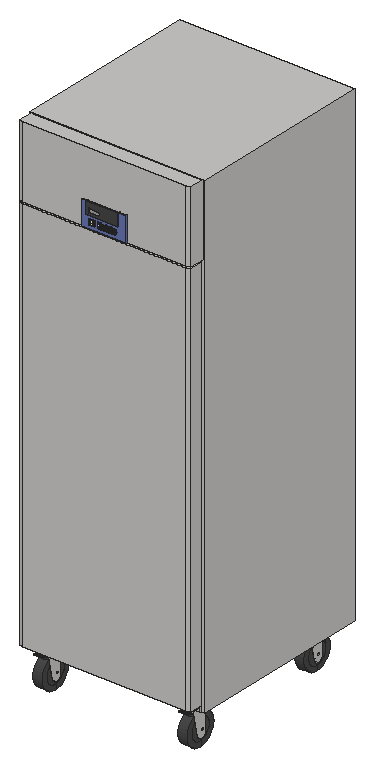
Revit family "QF_ELECTROLUXPROFESSIONAL_725449_TC671DUCB2", category Attrezzature speciali, Revit 2021
Family settings
  Quota connettore circolare = Usa diametro
  Tipo di parte = Normale
  Basato su piano di lavoro = No
  Sempre verticale = Sì
  Taglio con vuoti quando caricato = No
  Condiviso = No
  Punto di calcolo locali = No
Parameters (values of type "Standard")
  Weight = 157.00 kg
  Watts = 1420 W
  Volts = 115 V
  URL Manufacturer = "https://www.electroluxprofessional.com/"
  URL = "https://www.electroluxprofessional.com/"
  Steam Supply Size = 0 mm
  Steam Supply Minimum Pressure = 0.0 Pa
  Steam Supply Maximum Pressure = 0.0 Pa
  Steam Consumption per Hour = 0
  Refrigeration Suction Line Size = 0 mm
  Refrigeration Liquid Line Size = 0 mm
  Refrigerant Compressor Remote = yes
  Prospetto di default = 0 mm
  Produttore = "Electrolux Professional"
  Phase = 1
  Modello = "TC671DUCB2"
  Length Actual = 710 mm  # constant formula
  Item Number = "725449"
  Hot Water Size = 0 mm
  Height Actual = 2090 mm  # constant formula
  HP = "1.9 HP"
  Gas Size = 0 mm
  Gas KW = 0
  Gas Input Pressure = 0 W
  Direct Waste Size = 0 mm
  Descrizione = "1-DOOR THAWING CABINET 670L, 10 POSITIONS, 120V/60Hz R290 - US"
  Depth Actual = 835 mm  # constant formula
  Cycle = 60 Hz
  Condensate Return Size = 0 mm
  Compressed Air Volume = 0.0 L/s
  Compressed Air Size = 0 mm
  Compressed Air Pressure = 0.0 Pa
  Cold Water Size = 0 mm
  Accessory = yes
Reference planes
  plane 1 "Center (Front/Back)": y = 0
  plane 2: z = 0
  plane 3 "Center (Left/Right)": x = 0
  plane 4 "BASE": z = 150
  plane 5 "TOP": z = 2089.965
  plane 6 "FRONT": y = -417.5
  plane 7 "BACK": y = 417.5
  plane 8 "LEFT": x = -355
  plane 9 "RIGHT": x = 355
  plane 10: x = -278
  plane 11: y = 299.5
  plane 12: y = -314.5
  plane 13: x = 278
  plane 14 "DrainY": y = -254.5
  plane 15: y = -1062.5
Forms (mm)
  Extrusion 1, solid, material "QF_Finishes_Stainless Steel"
    sketch origin (0, 0, 150) x (-1, 0, 0) y (0, -1, 0)
      loop
        line (355, -417.5) -> (355, 345.5) -> (-355, 345.5) -> (-355, -417.5) -> (355, -417.5)
    from 0 to 1940
  Extrusion 2, solid
    sketch origin (0, 417.5, 1660) x (-1, 0, 0) y (0, 0, 1)
      loop
        circle (339, 164) r 10
    from 0 to 3.2
  Extrusion 3, solid, material "QF_Door-Drawer Clearances", detail levels coarse
    sketch origin (0, 0, 150) x (-1, 0, 0) y (0, -1, 0)
      loop
        line (-345, 409.5) -> (-283, 409.5) -> (-283, 1006.5) -> (-301, 1006.5) -> (-301, 1024.5) -> (-323, 1024.5) -> (-323, 1062.5) -> (-345, 1062.5) -> (-345, 409.5)
    from 1642.965 to 28
  Extrusion 4, solid, material "QF_Door-Drawer Clearances", detail levels coarse
    sketch origin (0, 0, 150) x (-1, 0, 0) y (0, -1, 0)
      loop
        line (-283, 409.5) -> (347, 409.5)
        arc (347, 409.5) -> (150.684, 878.295) -> (-323, 1062.5) r 650
        line (-323, 1062.5) -> (-323, 1024.5) -> (-301, 1024.5) -> (-301, 1006.5) -> (-283, 1006.5) -> (-283, 409.5)
    from 1642.965 to 28
  Extrusion 5, solid, material "QF_Clearances", detail levels coarse
    sketch origin (0, 0, 150) x (-1, 0, 0) y (0, -1, 0)
      loop
        line (355, 417.5) -> (355, -417.5) -> (-355, -417.5) -> (-355, 417.5) -> (-385, 417.5) -> (-385, -447.5) -> (385, -447.5) -> (385, 417.5) -> (355, 417.5)
    from -150 to 1940
  Extrusion 6, void
    sketch origin (0, 417.5, 0) x (-1, 0, 0) y (0, 0, 1)
      loop
        line (280, 1764.931) -> (-280, 1764.931) -> (-280, 220) -> (0, 210) -> (280, 219.676) -> (280, 1764.931)
    from -56 to -763
  Extrusion 7, solid, material "QF_Finishes_Stainless Steel"
    sketch origin (0, 0, 150) x (-1, 0, 0) y (0, -1, 0)
      loop
        circle (0, 254.5) r 7.938
    from 0 to -10
  Extrusion 8, solid, material "QF_Clearances", detail levels coarse
    sketch origin (0, 0, 150) x (-1, 0, 0) y (0, -1, 0)
      loop
        line (385, 417.5) -> (-385, 417.5) -> (-385, -447.5) -> (385, -447.5) -> (385, 417.5)
    from 2140 to 1940
Cuts and joins
  Extrusion 6 cuts Extrusion 1
Lines and regions (mm)
  symbolic lines, style "SpecialityEquipmentHiddenLines"
    curve 1: line (345, -409.5, 150) -> (345, -1062.5, 150)
    curve 2: line (345, -1062.5, 150) -> (323, -1062.5, 150)
    curve 3: line (283, -409.5, 150) -> (283, -1006.5, 150)
    curve 4: line (323, -1062.5, 150) -> (323, -1024.5, 150)
    curve 5: line (323, -1024.5, 150) -> (301, -1024.5, 150)
    curve 6: line (301, -1024.5, 150) -> (301, -1006.5, 150)
    curve 7: line (301, -1006.5, 150) -> (283, -1006.5, 150)
    curve 8: arc (-347, -409.5, 150) -> (-150.684, -878.295, 150) -> (323, -1062.5, 150) r 650
  symbolic lines, style "QF_Clearances", detail levels coarse
    curve 9: line (-355, -417.5, 2089.965) -> (-385, -417.5, 2089.965)
    curve 10: line (-385, -417.5, 2089.965) -> (-385, 447.5, 2089.965)
    curve 11: line (-385, 447.5, 2089.965) -> (385, 447.5, 2089.965)
    curve 12: line (385, 447.5, 2089.965) -> (385, -417.5, 2089.965)
    curve 13: line (385, -417.5, 2089.965) -> (355, -417.5, 2089.965)
  symbolic lines
    curve 14: line (355, 417.5, 150) -> (-355, 417.5, 150)
    curve 15: line (355, -345.5, 150) -> (355, 417.5, 150)
    curve 16: line (-355, -345.5, 150) -> (355, -345.5, 150)
    curve 17: line (-355, 417.5, 150) -> (-355, -345.5, 150)
Dimensions and locks
  equal spacing: plane 7 "BACK", plane 1 "Center (Front/Back)", plane 6 "FRONT"
  equal spacing: plane 8 "LEFT", plane 3 "Center (Left/Right)", plane 9 "RIGHT"
  plane 8 "LEFT" to plane 9 "RIGHT" = 710 mm
  plane 7 "BACK" to plane 6 "FRONT" = 835 mm
  plane 5 "TOP" to plane 2 = 2089.965 mm
  Extrusion 8 to Extrusion 8 = 200 mm
  plane 8 "LEFT" to plane 10 = 77 mm  (x2)
  plane 7 "BACK" to plane 11 = 118 mm
  plane 11 to plane 12 = 614 mm
  plane 13 to plane 9 "RIGHT" = 77 mm
  plane 9 "RIGHT" to plane 13 = 77 mm
  plane 7 "BACK" to plane 11 to plane 12 = 118 mm, 614 mm
  plane 14 "DrainY" to plane 6 "FRONT" = 163 mm
  plane 7 "BACK" to plane 15 = 1480 mm
  aligned and locked: level to plane 2
Automatic sketch dimensions
  curve 13 to plane 6 "FRONT" = 0 mm
  curve 13 to plane 9 "RIGHT" = 0 mm
  curve 9 to plane 6 "FRONT" = 0 mm
  curve 9 to plane 8 "LEFT" = 0 mm
  curve 11 to plane 9 "RIGHT" = 30 mm
  curve 9 to curve 10 = 30 mm
  plane 7 "BACK" to curve 11 = 30 mm
  Extrusion 1 sketch curve to plane 7 "BACK" = 0 mm
  Extrusion 1 sketch curve to plane 9 "RIGHT" = 0 mm
  Extrusion 1 sketch curve to plane 8 "LEFT" = 0 mm
  plane 6 "FRONT" to Extrusion 1 sketch curve = 72 mm
  plane 8 "LEFT" to Extrusion 2 sketch curve = 16 mm
  Extrusion 2 sketch curve to plane 5 "TOP" = 265.965 mm
  plane 9 "RIGHT" to Extrusion 3 sketch curve = 10 mm
  plane 9 "RIGHT" to Extrusion 3 sketch curve = 32 mm
  Extrusion 3 sketch curve to Extrusion 3 sketch curve = 22 mm
  plane 6 "FRONT" to Extrusion 3 sketch curve = 8 mm
  Extrusion 3 sketch curve to Extrusion 3 sketch curve = 62 mm
  Extrusion 3 sketch curve to plane 6 "FRONT" = 589 mm
  Extrusion 3 sketch curve to Extrusion 3 sketch curve = 18 mm
  Extrusion 3 sketch curve to Extrusion 3 sketch curve = 38 mm
  plane 9 "RIGHT" to Extrusion 4 sketch curve = 32 mm
  plane 6 "FRONT" to Extrusion 4 sketch curve = 4.692 mm
  plane 9 "RIGHT" to Extrusion 4 sketch curve = 52.008 mm
  Extrusion 4 sketch curve to Extrusion 4 sketch curve = 22 mm
  Extrusion 4 sketch curve to Extrusion 4 sketch curve = 18 mm  (x2)
  plane 8 "LEFT" to Extrusion 4 sketch curve = 8 mm
  plane 6 "FRONT" to Extrusion 4 sketch curve = 8 mm
  Extrusion 4 sketch curve to Extrusion 4 sketch curve = 56 mm
  Extrusion 5 sketch curve to plane 6 "FRONT" = 0 mm  (x2)
  Extrusion 5 sketch curve to plane 7 "BACK" = 0 mm
  Extrusion 5 sketch curve to plane 9 "RIGHT" = 0 mm
  Extrusion 5 sketch curve to plane 8 "LEFT" = 0 mm
  Extrusion 5 sketch curve to plane 9 "RIGHT" = 30 mm
  Extrusion 5 sketch curve to Extrusion 5 sketch curve = 30 mm
  plane 7 "BACK" to Extrusion 5 sketch curve = 30 mm
  Extrusion 6 sketch curve to plane 3 "Center (Left/Right)" = 0 mm
  plane 9 "RIGHT" to Extrusion 6 sketch curve = 75 mm
  plane 8 "LEFT" to Extrusion 6 sketch curve = 75 mm
  plane 4 "BASE" to Extrusion 6 sketch curve = 60 mm
  plane 4 "BASE" to Extrusion 6 sketch curve = 69.676 mm
  plane 4 "BASE" to Extrusion 6 sketch curve = 70 mm
  Extrusion 6 sketch curve to plane 5 "TOP" = 325.035 mm
  Extrusion 7 sketch curve to plane 3 "Center (Left/Right)" = 0 mm
  plane 6 "FRONT" to Extrusion 7 sketch curve = 163 mm
  Extrusion 8 sketch curve to plane 6 "FRONT" = 0 mm
  Extrusion 8 sketch curve to plane 9 "RIGHT" = 30 mm
  plane 7 "BACK" to Extrusion 8 sketch curve = 30 mm
  Extrusion 8 sketch curve to plane 8 "LEFT" = 30 mm
  curve 15 to plane 7 "BACK" = 0 mm
  curve 15 to plane 9 "RIGHT" = 0 mm
  curve 16 to plane 8 "LEFT" = 0 mm
  plane 9 "RIGHT" to curve 2 = 10 mm
  plane 9 "RIGHT" to curve 5 = 32 mm
  plane 6 "FRONT" to curve 8 = 4.692 mm
  plane 13 to curve 8 = 24.992 mm
  curve 4 to curve 6 = 22 mm
  plane 13 to curve 7 = 5 mm
  curve 17 to plane 12 = 31 mm
  curve 7 to plane 6 "FRONT" = 589 mm
  curve 6 to curve 6 = 18 mm
  curve 4 to curve 2 = 38 mm
  plane 6 "FRONT" to curve 8 = 8 mm
  plane 6 "FRONT" to curve 3 = 8 mm
  plane 6 "FRONT" to curve 1 = 8 mm
  radius of Extrusion 2 sketch curve = 10 mm
  radius of Extrusion 7 sketch curve = 7.938 mm
Nested families
  nested 1: "QF_725191_Door" at (0, -345.5, 1008.365) x (1, 0, 0) z (0, -1, 0), type "QF_725191_Door"
    with Show Clearance yes
  nested 2: "QF_REFRIG_WHEEL150" at (-278, 355.15, 0), type "QF_REFRIG_WHEEL150"
    with Type Mark "", Status "", Specification by User "", Revision Code "", Item Number "", Installed By "", Identify Quantity as Lot yes, Furnished By "", Foodservice Equipment Identifier yes
  nested 3: "QF_REFRIG_WHEEL150" at (278, 355.15, 0), type "QF_REFRIG_WHEEL150"
    with Type Mark "", Status "", Specification by User "", Revision Code "", Item Number "", Installed By "", Identify Quantity as Lot yes, Furnished By "", Foodservice Equipment Identifier yes
  nested 4: "QF_REFRIG_WHEEL150_LOCKED" at (-295, -258.85, 0), type "QF_REFRIG_WHEEL150_LOCKED"
    with Type Mark "", Status "", Specification by User "", Revision Code "", Item Number "", Installed By "", Identify Quantity as Lot yes, Furnished By "", Foodservice Equipment Identifier yes
  nested 5: "QF_REFRIG_WHEEL150_LOCKED" at (295, -258.85, 0), type "QF_REFRIG_WHEEL150_LOCKED"
    with Type Mark "", Status "", Specification by User "", Revision Code "", Item Number "", Installed By "", Identify Quantity as Lot yes, Furnished By "", Foodservice Equipment Identifier yes
Connectors
  electrical at (-339, 420.7, 1824), driven by "Volts"
    settings: on Extrusion 2, index 2, voltage 115 V, apparent load 0 VA, apparent load phase1 0 VA, apparent load phase2 0 VA, apparent load phase3 0 VA, power factor 1, load classification "Other", number of poles 1, system type 30, power factor state 1, is connector primary yes, connector utility no, sub classification motor no, connector description "Electrical Connection"
  piping at (0, -254.5, 140), diameter 15.875
    settings: on Extrusion 7, index 3, connector inside diameter 609.6 mm, connector length 0 mm, flow factor 0, pipe flow 0.0 L/s, pressure drop 0.0 Pa, fitting loss kfactor 0, connector angle 0.00°, fixture units 0, engagement length 0 mm, angle of deflection 0.00°, flow configuration 1, flow direction 2, fitting loss method 0, system type 16, joint type 0, gender type 0, connector reference index -1, connector utility 0, adjustable connector no, is connector primary yes, connector description "Drain"
Definition of nested family "QF_725191_Door"
  Parameters
    Show Clearance [instance] = yes
    Model = "725192"
    Default Elevation = 1219.2 mm
  Reference planes
    plane 1 "Center (Front/Back)": y = 0
    plane 2: z = 0
    plane 3 "Center (Left/Right)": x = 0
  Forms (mm)
    Extrusion 1, solid
      sketch origin (0, -919.2, 0) x (1, 0, 0) y (0, 1, 0)
        loop
          line (-460, 2119.2) -> (-460, -162.846) -> (488.967, -162.846) -> (488.967, 2119.2) -> (-460, 2119.2)
      from 0 to -59.546
    Extrusion 2, solid
      sketch origin (0, 0, 0) x (1, 0, 0) y (0, 0, 1)
        loop
          line (-347, 60) -> (-347, 0) -> (347, 0) -> (347, 60) -> (332, 64) -> (-332, 64) -> (-347, 60)
      from -1081.6 to -791.6
    Extrusion 3, solid
      sketch origin (0, 0, 0) x (1, 0, 0) y (0, 0, 1)
        loop
          line (-347, 60) -> (-347, 26) -> (-325, 26) -> (-325, 8) -> (-307, 8) -> (-307, 0) -> (339, 0) -> (339, 8) -> (347, 8) -> (347, 60) -> (332, 64) -> (-332, 64) -> (-347, 60)
      from -784.6 to 830.4
    Extrusion 4, solid
      sketch origin (119, -516.365, 0) x (0, 1, 0) y (0, 0, 1)
        loop
          line (-323.003, 40.312) -> (-316.501, 40.312) -> (-316.501, 42.812) -> (-325.503, 42.812) -> (-325.503, 2.5) -> (-342, 2.5) -> (-342, 0) -> (-323.003, 0) -> (-323.003, 12.259) -> (-323.003, 40.312)
        loop
          line (-314, 38.311) -> (-316.501, 38.311) -> (-316.501, 14.304) -> (-319.752, 14.304) -> (-319.752, 11.804) -> (-314, 11.804) -> (-314, 38.311)
      from 185 to 220
    Extrusion 5, solid
      sketch origin (119, 469.597, 0) x (0, 1, 0) y (0, 0, 1)
        loop
          line (315.003, 27.948) -> (315.003, 2.948) -> (315.003, 0) -> (322.003, 0) -> (322.003, 2.5) -> (317.503, 2.5) -> (317.503, 27.948) -> (315.003, 27.948)
      from 185 to 220
  Lines and regions (mm)
    symbolic lines
      curve 1: line (-332, 0, 64) -> (332, 0, 64)
      curve 2: line (-347, 0, 0) -> (-347, 0, 60)
      curve 3: line (347, 0, 0) -> (-347, 0, 0)
      curve 4: line (347, 0, 60) -> (347, 0, 0)
      curve 5: line (-347, 0, 26) -> (-325, 0, 26)
      curve 6: line (-325, 0, 26) -> (-325, 0, 8)
      curve 7: line (-325, 0, 8) -> (-307, 0, 8)
      curve 8: line (-307, 0, 8) -> (-307, 0, 0)
      curve 9: line (339, 0, 8) -> (347, 0, 8)
      curve 10: line (339, 0, 8) -> (339, 0, 0)
      curve 11: line (-332, 0, 64) -> (-347, 0, 60)
      curve 12: line (332, 0, 64) -> (347, 0, 60)
  Dimensions and locks
    aligned and locked: plane 2 to Extrusion 1
    aligned and locked: level to Extrusion 1
  Nested families
    nested 1: "QF_DisplayCabinets180x100" at (0, 841.6, 64), type "QF_DisplayCabinets180x100"
      with Show Clearance yes
  Definition of nested family "QF_DisplayCabinets180x100"
    Parameters
      Show Clearance [instance] = yes
      Model = ""
      Default Elevation = 0 mm
    Reference planes
      plane 1 "Center (Front/Back)": y = 0
      plane 2: z = 0
      plane 3 "Center (Left/Right)": x = 0
    Forms (mm)
      Extrusion 1, solid
        sketch origin (0, -919.2, 0) x (1, 0, 0) y (0, 1, 0)
          loop
            line (-198.75, 1146.2) -> (-198.75, 709.567) -> (165.741, 709.567) -> (165.741, 1146.2) -> (-198.75, 1146.2)
        from 0 to -59.546
      Extrusion 2, solid
        sketch origin (0, 0, 0) x (1, 0, 0) y (0, 1, 0)
          loop
            line (-90, 50) -> (-90, -50) -> (90, -50) -> (90, 50) -> (60, 50) -> (60, 0) -> (-70, 0) -> (-70, 50) -> (-90, 50)
        from 5.4 to 0
      Extrusion 3, solid
        sketch origin (0, -30, 0) x (1, 0, 0) y (0, 1, 0)
          loop
            line (-70, 80) -> (-70, 30) -> (60, 30) -> (60, 80) -> (-70, 80)
          loop
            line (-56.633, 56.452) -> (-56.633, 39.793) -> (-11.633, 39.793) -> (-11.633, 56.452) -> (-56.633, 56.452)
        from 0 to 8
      Extrusion 4, solid
        sketch origin (0, 0, 0) x (1, 0, 0) y (0, 1, 0)
          loop
            line (-56.633, 26.452) -> (-56.633, 9.793) -> (-11.633, 9.793) -> (-11.633, 26.452) -> (-56.633, 26.452)
        from 0 to 7
      Extrusion 5, solid
        sketch origin (0, 0, 0) x (1, 0, 0) y (0, 1, 0)
          loop
            line (-43.063, -13.359) -> (-43.063, -33.154)
            arc (-43.063, -33.154) -> (-35.746, -23.257) -> (-43.063, -13.359) r 10.352
          loop
            arc (-44.07, -13.359) -> (-52.302, -15.23) -> (-56.268, -22.683) r 10.145
            line (-56.268, -22.683) -> (-52.994, -22.683)
            arc (-52.994, -22.683) -> (-47.143, -20.308) -> (-44.07, -14.793) r 9.509
            line (-44.07, -14.793) -> (-44.07, -13.359)
          loop
            arc (-44.07, -31.721) -> (-47.143, -26.205) -> (-52.994, -23.831) r 9.509
            line (-52.994, -23.831) -> (-56.268, -23.831)
            arc (-56.268, -23.831) -> (-52.309, -31.345) -> (-44.07, -33.408) r 10.411
            line (-44.07, -33.408) -> (-44.07, -31.721)
          loop
            line (-57.02, -12.279) -> (-57.02, -34.279) -> (-34.99, -34.279) -> (-34.99, -12.279) -> (-57.02, -12.279)
        from 5.4 to 7
      Extrusion 6, solid
        sketch origin (0, 0, 0) x (1, 0, 0) y (0, 1, 0)
          loop
            line (-15.272, -12.492) -> (-22.708, -12.492) -> (-22.708, -21.151)
            arc (-22.708, -21.151) -> (-21.729, -23.514) -> (-19.367, -24.492) r 3.341
            line (-19.367, -24.492) -> (-15.128, -24.492) -> (-15.128, -22.55) -> (-18.883, -22.55)
            arc (-18.883, -22.55) -> (-20.117, -22.133) -> (-20.642, -20.941) r 1.615
            line (-20.642, -20.941) -> (-20.642, -19.224) -> (-15.593, -19.224) -> (-15.593, -17.274) -> (-20.642, -17.274) -> (-20.642, -14.436) -> (-15.272, -14.436) -> (-15.272, -12.492)
          loop
            line (-13.66, -12.492) -> (-13.66, -24.492) -> (-11.593, -24.492) -> (-11.593, -12.492) -> (-13.66, -12.492)
          loop
            line (31.232, -12.492) -> (31.232, -24.492) -> (33.3, -24.492) -> (33.3, -12.492) -> (31.232, -12.492)
          loop
            line (-8.175, -20.66) -> (-1.392, -20.66)
            arc (-1.392, -20.66) -> (-2.453, -16.934) -> (-6.081, -15.575) r 4.298
            arc (-6.081, -15.575) -> (-9.277, -17.196) -> (-10.188, -20.66) r 4.373
            arc (-10.188, -20.66) -> (-8.988, -23.558) -> (-6.091, -24.758) r 4.097
            arc (-6.091, -24.758) -> (-3.837, -24.425) -> (-1.946, -23.152) r 5.15
            line (-1.946, -23.152) -> (-3.171, -21.928)
            arc (-3.171, -21.928) -> (-4.778, -22.892) -> (-6.645, -22.73) r 3.039
            arc (-6.645, -22.73) -> (-7.784, -21.972) -> (-8.175, -20.66) r 2.013
          loop
            line (-8.123, -19.207) -> (-3.469, -19.207)
            arc (-3.469, -19.207) -> (-4.122, -17.833) -> (-5.557, -17.326) r 1.983
            arc (-5.557, -17.326) -> (-7.213, -17.758) -> (-8.123, -19.207) r 2.321
          loop
            line (6.665, -18.342) -> (7.963, -17.044)
            arc (7.963, -17.044) -> (6.336, -15.866) -> (4.358, -15.514) r 4.497
            arc (4.358, -15.514) -> (1.341, -16.616) -> (-0.242, -19.411) r 4.652
            arc (-0.242, -19.411) -> (2.426, -24.31) -> (7.89, -23.18) r 4.684
            line (7.89, -23.18) -> (6.599, -21.89)
            arc (6.599, -21.89) -> (3.813, -22.811) -> (1.817, -20.66) r 2.714
            arc (1.817, -20.66) -> (1.956, -18.959) -> (3.127, -17.718) r 2.578
            arc (3.127, -17.718) -> (5.002, -17.432) -> (6.665, -18.342) r 2.961
          loop
            line (9.233, -12.492) -> (9.233, -20.693)
            arc (9.233, -20.693) -> (9.411, -21.923) -> (9.872, -23.078) r 5.301
            arc (9.872, -23.078) -> (11.347, -24.251) -> (13.216, -24.498) r 3.531
            line (13.216, -24.498) -> (13.216, -22.561)
            arc (13.216, -22.561) -> (12.66, -22.519) -> (12.142, -22.313) r 1.862
            arc (12.142, -22.313) -> (11.478, -21.611) -> (11.3, -20.66) r 1.713
            line (11.3, -20.66) -> (11.3, -17.691) -> (13.177, -17.691) -> (13.177, -15.813) -> (11.3, -15.813) -> (11.3, -12.492) -> (9.233, -12.492)
          loop
            arc (16.966, -19.93) -> (17.114, -19.065) -> (17.54, -18.298) r 2.607
            arc (17.54, -18.298) -> (18.779, -17.662) -> (20.17, -17.691) r 2.84
            line (20.17, -17.691) -> (20.17, -15.704)
            arc (20.17, -15.704) -> (18.352, -15.876) -> (16.966, -17.064) r 3.016
            line (16.966, -17.064) -> (16.966, -15.813) -> (14.916, -15.813) -> (14.916, -24.492) -> (16.966, -24.492) -> (16.966, -19.93)
          loop
            circle (25.224, -20.154) r 4.599
          loop
            circle (25.224, -20.154) r 2.787
          loop
            arc (40.755, -20.878) -> (40.245, -22.281) -> (38.861, -22.84) r 1.835
            arc (38.861, -22.84) -> (37.476, -22.281) -> (36.966, -20.878) r 1.835
            line (36.966, -20.878) -> (36.966, -15.813) -> (34.881, -15.813) -> (34.881, -21.05)
            arc (34.881, -21.05) -> (36.067, -23.754) -> (38.861, -24.712) r 3.675
            arc (38.861, -24.712) -> (41.685, -23.725) -> (42.839, -20.965) r 3.675
            line (42.839, -20.965) -> (42.839, -15.813) -> (40.755, -15.813) -> (40.755, -20.878)
          loop
            line (44.088, -15.813) -> (47.09, -19.889) -> (43.792, -24.495) -> (46.014, -24.495) -> (48.203, -21.438) -> (50.424, -24.495) -> (52.632, -24.495) -> (49.381, -19.842) -> (52.354, -15.813) -> (50.097, -15.813) -> (48.196, -18.39) -> (46.324, -15.813) -> (44.088, -15.813)
          loop
            line (-21.545, -29.467) -> (-23.194, -29.467) -> (-23.194, -33.617) -> (-22.292, -33.617) -> (-22.292, -32.188) -> (-21.295, -32.188)
            arc (-21.295, -32.188) -> (-20.179, -30.713) -> (-21.545, -29.467) r 1.372
          loop
            arc (-21.334, -31.373) -> (-20.993, -30.839) -> (-21.334, -30.306) r 0.587
            line (-21.334, -30.306) -> (-22.292, -30.306) -> (-22.292, -31.373) -> (-21.334, -31.373)
          loop
            line (-15.033, -29.467) -> (-16.71, -29.467) -> (-16.71, -33.617) -> (-15.808, -33.617) -> (-15.808, -32.188) -> (-14.935, -32.188) -> (-14.339, -33.617) -> (-13.37, -33.617) -> (-14.186, -31.867)
            arc (-14.186, -31.867) -> (-13.795, -31.4) -> (-13.664, -30.805) r 1.281
            arc (-13.664, -30.805) -> (-14.076, -29.857) -> (-15.033, -29.467) r 1.37
          loop
            line (-15.808, -30.306) -> (-15.808, -31.373) -> (-14.85, -31.373)
            arc (-14.85, -31.373) -> (-14.509, -30.839) -> (-14.85, -30.306) r 0.587
            line (-14.85, -30.306) -> (-15.808, -30.306)
          loop
            circle (-8.072, -31.542) r 2.156
          loop
            circle (-8.072, -31.542) r 1.368
          loop
            line (-2.373, -29.467) -> (-2.373, -33.617) -> (-1.493, -33.617) -> (-1.493, -32.167) -> (0.069, -32.167) -> (0.069, -31.237) -> (-1.493, -31.237) -> (-1.493, -30.361) -> (0.219, -30.361) -> (0.219, -29.467) -> (-2.373, -29.467)
          loop
            line (3.719, -29.467) -> (3.719, -32.269)
            arc (3.719, -32.269) -> (4.101, -33.219) -> (5.046, -33.614) r 1.327
            line (5.046, -33.614) -> (6.385, -33.614) -> (6.385, -32.83) -> (5.126, -32.83)
            arc (5.126, -32.83) -> (4.662, -32.447) -> (4.571, -31.852) r 0.845
            line (4.571, -31.852) -> (6.23, -31.852) -> (6.23, -31.068) -> (4.571, -31.068) -> (4.571, -30.251) -> (6.345, -30.251) -> (6.345, -29.467) -> (3.719, -29.467)
          loop
            arc (18.747, -29.993) -> (18.197, -29.542) -> (17.501, -29.398) r 1.485
            arc (17.501, -29.398) -> (16.858, -29.556) -> (16.329, -29.955) r 1.645
            arc (16.329, -29.955) -> (16.232, -30.897) -> (16.84, -31.624) r 1.217
            arc (16.84, -31.624) -> (17.351, -31.794) -> (17.836, -32.029) r 4.201
            arc (17.836, -32.029) -> (18.142, -32.39) -> (17.931, -32.814) r 0.43
            arc (17.931, -32.814) -> (17.539, -32.906) -> (17.149, -32.807) r 0.846
            arc (17.149, -32.807) -> (16.811, -32.564) -> (16.605, -32.203) r 0.983
            line (16.605, -32.203) -> (15.879, -32.542)
            arc (15.879, -32.542) -> (16.14, -33.046) -> (16.562, -33.427) r 1.595
            arc (16.562, -33.427) -> (17.04, -33.631) -> (17.557, -33.683) r 1.719
            arc (17.557, -33.683) -> (18.196, -33.556) -> (18.772, -33.25) r 2.246
            arc (18.772, -33.25) -> (19.027, -32.573) -> (18.896, -31.863) r 1.349
            arc (18.896, -31.863) -> (18.612, -31.535) -> (18.249, -31.298) r 1.564
            arc (18.249, -31.298) -> (17.79, -31.093) -> (17.32, -30.917) r 8.236
            arc (17.32, -30.917) -> (17.048, -30.494) -> (17.441, -30.181) r 0.375
            arc (17.441, -30.181) -> (17.911, -30.294) -> (18.273, -30.616) r 0.998
            line (18.273, -30.616) -> (18.747, -29.993)
          loop
            line (22.554, -29.467) -> (22.554, -33.614) -> (23.407, -33.614) -> (23.407, -29.467) -> (22.554, -29.467)
          loop
            circle (29.157, -31.541) r 1.29
          loop
            circle (29.157, -31.541) r 2.154
          loop
            line (34.878, -33.614) -> (35.739, -33.614) -> (35.739, -31.007) -> (37.636, -33.614) -> (38.465, -33.614) -> (38.465, -29.467) -> (37.604, -29.467) -> (37.604, -32.154) -> (35.707, -29.467) -> (34.878, -29.467) -> (34.878, -33.614)
          loop
            line (42.765, -33.614) -> (43.169, -32.72) -> (44.703, -32.72) -> (45.106, -33.614) -> (46.023, -33.614) -> (44.271, -29.467) -> (43.471, -29.467) -> (41.849, -33.614) -> (42.765, -33.614)
          loop
            line (44.32, -31.869) -> (43.909, -30.958) -> (43.51, -31.869) -> (44.32, -31.869)
          loop
            line (50.258, -32.83) -> (50.258, -29.467) -> (49.406, -29.467) -> (49.406, -33.614) -> (51.853, -33.614) -> (51.853, -32.83) -> (50.258, -32.83)
          loop
            arc (12.529, -29.993) -> (11.98, -29.542) -> (11.284, -29.398) r 1.485
            arc (11.284, -29.398) -> (10.641, -29.556) -> (10.112, -29.955) r 1.645
            arc (10.112, -29.955) -> (10.014, -30.897) -> (10.622, -31.624) r 1.217
            arc (10.622, -31.624) -> (11.133, -31.794) -> (11.618, -32.029) r 4.201
            arc (11.618, -32.029) -> (11.925, -32.39) -> (11.714, -32.814) r 0.43
            arc (11.714, -32.814) -> (11.322, -32.906) -> (10.931, -32.807) r 0.846
            arc (10.931, -32.807) -> (10.594, -32.564) -> (10.387, -32.203) r 0.983
            line (10.387, -32.203) -> (9.662, -32.542)
            arc (9.662, -32.542) -> (9.923, -33.046) -> (10.345, -33.427) r 1.595
            arc (10.345, -33.427) -> (10.823, -33.631) -> (11.34, -33.683) r 1.719
            arc (11.34, -33.683) -> (11.979, -33.556) -> (12.555, -33.25) r 2.246
            arc (12.555, -33.25) -> (12.809, -32.573) -> (12.678, -31.863) r 1.349
            arc (12.678, -31.863) -> (12.394, -31.535) -> (12.031, -31.298) r 1.564
            arc (12.031, -31.298) -> (11.573, -31.093) -> (11.102, -30.917) r 8.236
            arc (11.102, -30.917) -> (10.83, -30.494) -> (11.223, -30.181) r 0.375
            arc (11.223, -30.181) -> (11.694, -30.294) -> (12.056, -30.616) r 0.998
            line (12.056, -30.616) -> (12.529, -29.993)
        from 5.4 to 7
    Lines and regions (mm)
      symbolic lines
        curve 1: line (52.518, 0, 4) -> (-53.037, 0, 4)
        curve 2: line (40, 0, 4) -> (40, 0, 8)
        curve 3: line (40, 0, 8) -> (-40, 0, 8)
        curve 4: line (-40, 0, 8) -> (-40, 0, 4)
        curve 5: line (-64.765, 0, 0) -> (-53.037, 0, 4)
        curve 6: line (52.518, 0, 4) -> (64.135, 0, 0)
    Dimensions and locks
      aligned and locked: plane 2 to Extrusion 1
      aligned and locked: level to Extrusion 1
Definition of nested family "QF_REFRIG_WHEEL150"
  Parameters
    Weight = ""
    URL Manufacturer = ""
    URL Cutsheet = ""
    URL = ""
    Type Mark [instance] = ""
    Status [instance] = ""
    Specification by User [instance] = ""
    Specification by Manufacturer = ""
    Serial Number = ""
    Seismic Rating = ""
    SMACNA No = ""
    Revision Code [instance] = ""
    Default Elevation = 0 mm
    Omniclass Number and Title = ""
    NAFEM Spec ID Number = ""
    Model = ""
    MasterSpec. = ""
    Manufacturer = ""
    Item Number [instance] = ""
    Installed By [instance] = ""
    Identify Quantity as Lot [instance] = yes
    Furnished By [instance] = ""
    Foodservice Equipment Identifier [instance] = yes
    Description = ""
    CSI MasterFormat = ""
    CSI Master Format = ""
    Assembly Code = ""
  Reference planes
    plane 1: z = 0
    plane 2 "Center (Left/Right)": x = 0
    plane 3 "Center (Top/Bottom)": y = -55.65
    plane 4 "TOP": z = 150
  Forms (mm)
    Revolve 1, solid
      sketch origin (46.04, -55.65, -25.504) x (-1, 0, 0) y (0, 0, 1)
        loop
          line (68.94, 88.116) -> (70.615, 88.116) -> (71.885, 89.386) -> (71.885, 91.304) -> (68.94, 91.304) -> (68.94, 88.116)
        loop
          line (23.171, 88.116) -> (23.171, 91.304) -> (20.196, 91.304) -> (20.196, 89.386) -> (21.466, 88.116) -> (23.171, 88.116)
        axis (20.196, 91.304) -> (71.885, 91.304)
      angle from 0 to 360
    Revolve 2, solid
      sketch origin (0, -74.432, -31.75) x (0, -1, 0) y (0, 0, 1)
        loop
          line (-18.782, 181.75) -> (-34.723, 181.75) -> (-34.723, 176.522) -> (-18.782, 176.522) -> (-18.782, 181.75)
        axis (-18.782, 176.522) -> (-18.782, 181.75)
      angle from 0 to 360
    Extrusion 3, solid
      sketch origin (-51, -81.798, -19.154) x (0, -1, 0) y (0, 0, -1)
        loop
          line (-45.49, -158.354) -> (12.282, -158.354) -> (-10.225, -62.197)
          arc (-10.225, -62.197) -> (-31.417, -53.19) -> (-45.49, -71.415) r 18.837
          line (-45.49, -71.415) -> (-45.49, -158.354)
      from 71.611 to 73.87
    Extrusion 4, solid
      sketch origin (50.97, -81.798, -19.154) x (0, -1, 0) y (0, 0, 1)
        loop
          line (-45.49, 163.926) -> (-45.49, 158.354) -> (14.51, 158.354) -> (14.51, 163.926) -> (-45.49, 163.926)
      from 28.1 to 73.87
    Extrusion 5, solid
      sketch origin (-94.51, -81.798, -19.154) x (0, -1, 0) y (0, 0, -1)
        loop
          line (-45.49, -158.354) -> (12.282, -158.354) -> (-10.225, -62.197)
          arc (-10.225, -62.197) -> (-31.417, -53.19) -> (-45.49, -71.415) r 18.837
          line (-45.49, -71.415) -> (-45.49, -158.354)
      from 71.611 to 73.87
    Revolve 6, solid
      sketch origin (46.04, -55.65, -25.504) x (-1, 0, 0) y (0, 0, 1)
        loop
          line (25.43, 91.304) -> (25.43, 85.067) -> (30.739, 85.067) -> (30.739, 44.951) -> (26.99, 44.951) -> (26.99, 25.504) -> (65.09, 25.504) -> (65.09, 44.951) -> (61.342, 44.951) -> (61.342, 85.067) -> (66.681, 85.067) -> (66.681, 91.304) -> (25.43, 91.304)
        axis (25.43, 91.304) -> (66.681, 91.304)
      angle from 0 to 360
  Cuts and joins
    joined: Revolve 2, Extrusion 3, Extrusion 4
  Dimensions and locks
    plane 4 "TOP" to level = 150 mm  (x3)
    aligned and locked: level to plane 1
    aligned and locked: cut or joined group of Revolve 2, Extrusion 3, Extrusion 4 to plane 4 "TOP"
Definition of nested family "QF_REFRIG_WHEEL150_LOCKED"
  Parameters
    Weight = ""
    URL Manufacturer = ""
    URL Cutsheet = ""
    URL = ""
    Type Mark [instance] = ""
    Status [instance] = ""
    Specification by User [instance] = ""
    Specification by Manufacturer = ""
    Serial Number = ""
    Seismic Rating = ""
    SMACNA No = ""
    Revision Code [instance] = ""
    Default Elevation = 0 mm
    Omniclass Number and Title = ""
    NAFEM Spec ID Number = ""
    Model = ""
    MasterSpec. = ""
    Manufacturer = ""
    Item Number [instance] = ""
    Installed By [instance] = ""
    Identify Quantity as Lot [instance] = yes
    Furnished By [instance] = ""
    Foodservice Equipment Identifier [instance] = yes
    Description = ""
    CSI MasterFormat = ""
    CSI Master Format = ""
    Assembly Code = ""
  Reference planes
    plane 1: z = 0
    plane 2 "Center (Left/Right)": x = 0
    plane 3 "Center (Top/Bottom)": y = -55.65
    plane 4 "TOP": z = 150
  Forms (mm)
    Revolve 1, solid
      sketch origin (46.04, -55.65, -25.504) x (-1, 0, 0) y (0, 0, 1)
        loop
          line (68.94, 88.116) -> (70.615, 88.116) -> (71.885, 89.386) -> (71.885, 91.304) -> (68.94, 91.304) -> (68.94, 88.116)
        loop
          line (23.171, 88.116) -> (23.171, 91.304) -> (20.196, 91.304) -> (20.196, 89.386) -> (21.466, 88.116) -> (23.171, 88.116)
        axis (20.196, 91.304) -> (71.885, 91.304)
      angle from 0 to 360
    Revolve 2, solid
      sketch origin (0, -74.432, -31.75) x (0, -1, 0) y (0, 0, 1)
        loop
          line (-18.782, 181.75) -> (-34.723, 181.75) -> (-34.723, 176.522) -> (-18.782, 176.522) -> (-18.782, 181.75)
        axis (-18.782, 176.522) -> (-18.782, 181.75)
      angle from 0 to 360
    Extrusion 3, solid
      sketch origin (-51, -81.798, -19.154) x (0, -1, 0) y (0, 0, -1)
        loop
          line (-45.49, -158.354) -> (12.282, -158.354) -> (-10.225, -62.197)
          arc (-10.225, -62.197) -> (-31.417, -53.19) -> (-45.49, -71.415) r 18.837
          line (-45.49, -71.415) -> (-45.49, -158.354)
      from 71.611 to 73.87
    Extrusion 4, solid
      sketch origin (50.97, -81.798, -19.154) x (0, -1, 0) y (0, 0, 1)
        loop
          line (-45.49, 163.926) -> (-45.49, 158.354) -> (14.51, 158.354) -> (14.51, 163.926) -> (-45.49, 163.926)
      from 28.1 to 73.87
    Extrusion 5, solid
      sketch origin (-94.51, -81.798, -19.154) x (0, -1, 0) y (0, 0, -1)
        loop
          line (-45.49, -158.354) -> (12.282, -158.354) -> (-10.225, -62.197)
          arc (-10.225, -62.197) -> (-31.417, -53.19) -> (-45.49, -71.415) r 18.837
          line (-45.49, -71.415) -> (-45.49, -158.354)
      from 71.611 to 73.87
    Extrusion 6, solid
      sketch origin (-20.641, -99.307, 4.258) x (0, 1, 0) y (0, 0, 1)
        loop
          line (3.34, 130.149) -> (-17.127, 138.418) -> (-18.513, 134.987) -> (1.954, 126.718) -> (24.151, 124.385) -> (31.776, 127.16) -> (22.158, 128.171) -> (22.158, 134.943) -> (14.535, 134.943) -> (14.535, 128.972) -> (3.34, 130.149)
      from 0 to 41.251
    Revolve 7, solid
      sketch origin (46.04, -55.65, -25.504) x (-1, 0, 0) y (0, 0, 1)
        loop
          line (25.43, 91.304) -> (25.43, 85.067) -> (30.739, 85.067) -> (30.739, 44.951) -> (26.99, 44.951) -> (26.99, 25.504) -> (65.09, 25.504) -> (65.09, 44.951) -> (61.342, 44.951) -> (61.342, 85.067) -> (66.681, 85.067) -> (66.681, 91.304) -> (25.43, 91.304)
        axis (25.43, 91.304) -> (66.681, 91.304)
      angle from 0 to 360
  Cuts and joins
    joined: Revolve 2, Extrusion 3, Extrusion 4
  Dimensions and locks
    plane 4 "TOP" to level = 150 mm  (x3)
    aligned and locked: level to plane 1
    aligned and locked: cut or joined group of Revolve 2, Extrusion 3, Extrusion 4 to plane 4 "TOP"
